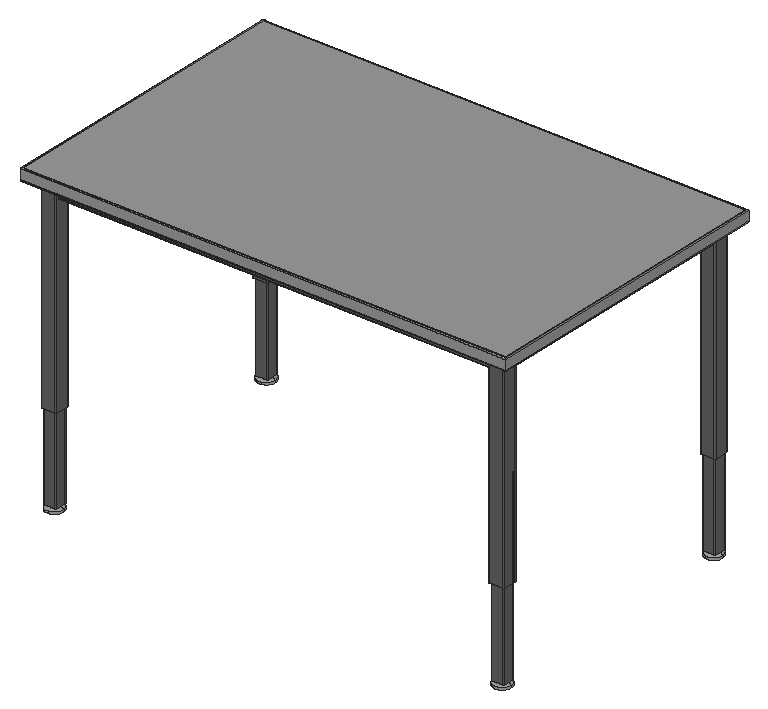
Revit family "Tutor 4830 - Adjustable", category Generic Models, Revit 2018
Family settings
  Can host rebar = No
  Round Connector Dimension = Use Diameter
  Part Type = Normal
  Work Plane-Based = No
  Always vertical = Yes
  Cut with Voids When Loaded = No
  Shared = No
  Room Calculation Point = No
Parameters
  Table Height = 2' - 5"
  Surface = Tutor 4830A Surface
  Frame Finish = Tutor Frame Charcoal
  Edgeband = Tutor 4830A Edgeband
Reference planes (in)
  plane 1 "Center (Front/Back)": y = 0
  plane 2: z = 0
  plane 3 "Center (Left/Right)": x = 0
  plane 4: z = 29
Forms (in)
  Extrusion 1, solid, material "Tutor Frame Charcoal" <- "Frame Finish"
    sketch origin (0, 0, 0) x (1, 0, 0) y (0, 1, 0)
      loop
        arc (-22.51562, 13.625) -> (-22.59296, 13.59296) -> (-22.625, 13.51562) r 0.10937
        line (-22.625, 13.51562) -> (-22.625, 12.48437)
        arc (-22.625, 12.48437) -> (-22.59296, 12.40704) -> (-22.51562, 12.375) r 0.10938
        line (-22.51562, 12.375) -> (-21.48437, 12.375)
        arc (-21.48437, 12.375) -> (-21.40704, 12.40704) -> (-21.375, 12.48437) r 0.10938
        line (-21.375, 12.48437) -> (-21.375, 13.51562)
        arc (-21.375, 13.51562) -> (-21.40704, 13.59296) -> (-21.48437, 13.625) r 0.10938
        line (-21.48437, 13.625) -> (-22.51562, 13.625)
      loop
        line (-22.51562, -13.625) -> (-21.48437, -13.625)
        arc (-21.48437, -13.625) -> (-21.40704, -13.59296) -> (-21.375, -13.51562) r 0.10938
        line (-21.375, -13.51562) -> (-21.375, -12.48437)
        arc (-21.375, -12.48437) -> (-21.40704, -12.40704) -> (-21.48437, -12.375) r 0.10938
        line (-21.48437, -12.375) -> (-22.51562, -12.375)
        arc (-22.51562, -12.375) -> (-22.59296, -12.40704) -> (-22.625, -12.48437) r 0.10938
        line (-22.625, -12.48437) -> (-22.625, -13.51562)
        arc (-22.625, -13.51562) -> (-22.59296, -13.59296) -> (-22.51562, -13.625) r 0.10937
      loop
        line (22.51562, 13.625) -> (21.48437, 13.625)
        arc (21.48437, 13.625) -> (21.40704, 13.59296) -> (21.375, 13.51562) r 0.10938
        line (21.375, 13.51562) -> (21.375, 12.48437)
        arc (21.375, 12.48437) -> (21.40704, 12.40704) -> (21.48437, 12.375) r 0.10938
        line (21.48437, 12.375) -> (22.51562, 12.375)
        arc (22.51562, 12.375) -> (22.59296, 12.40704) -> (22.625, 12.48437) r 0.10938
        line (22.625, 12.48437) -> (22.625, 13.51562)
        arc (22.625, 13.51562) -> (22.59296, 13.59296) -> (22.51562, 13.625) r 0.10937
      loop
        arc (22.51562, -13.625) -> (22.59296, -13.59296) -> (22.625, -13.51562) r 0.10937
        line (22.625, -13.51562) -> (22.625, -12.48437)
        arc (22.625, -12.48437) -> (22.59296, -12.40704) -> (22.51562, -12.375) r 0.10938
        line (22.51562, -12.375) -> (21.48437, -12.375)
        arc (21.48437, -12.375) -> (21.40704, -12.40704) -> (21.375, -12.48437) r 0.10938
        line (21.375, -12.48437) -> (21.375, -13.51562)
        arc (21.375, -13.51562) -> (21.40704, -13.59296) -> (21.48437, -13.625) r 0.10938
        line (21.48437, -13.625) -> (22.51562, -13.625)
    from 0.41992 to 19.41992
  Revolve 2, solid, material "Tutor Glides"
    sketch origin (6, -13, 0) x (1, 0, 0) y (0, 0, 1)
      loop
        line (-28, 0.41992) -> (-28, 0) -> (-27.12763, 0) -> (-27.12763, 0.17255) -> (-27.375, 0.41992) -> (-28, 0.41992)
      axis (-28, 0.41992) -> (-28, 0)
    angle from 0 to 360
  Revolve 3, solid, material "Tutor Glides"
    sketch origin (6, 13, 0) x (1, 0, 0) y (0, 0, -1)
      loop
        line (-28, -0.41992) -> (-27.375, -0.41992) -> (-27.12763, -0.17255) -> (-27.12763, 0) -> (-28, 0) -> (-28, -0.41992)
      axis (-28, -0.41992) -> (-28, 0)
    angle from 0 to 360
  Revolve 4, solid, material "Tutor Glides"
    sketch origin (-6, 13, 0) x (-1, 0, 0) y (0, 0, 1)
      loop
        line (-28, 0.41992) -> (-28, 0) -> (-27.12763, 0) -> (-27.12763, 0.17255) -> (-27.375, 0.41992) -> (-28, 0.41992)
      axis (-28, 0.41992) -> (-28, 0)
    angle from 0 to 360
  Revolve 5, solid, material "Tutor Glides"
    sketch origin (-6, -13, 0) x (-1, 0, 0) y (0, 0, -1)
      loop
        line (-28, -0.41992) -> (-27.375, -0.41992) -> (-27.12763, -0.17255) -> (-27.12763, 0) -> (-28, 0) -> (-28, -0.41992)
      axis (-28, -0.41992) -> (-28, 0)
    angle from 0 to 360
Dimensions and locks (in)
  "Table Height": plane 4 to level
  aligned and locked: plane 2 to level
  aligned and locked: nested 1 to plane 4
Automatic sketch dimensions
  Extrusion 1 sketch curve to plane 1 "Center (Front/Back)" = 1' - 0 31/64"
  Extrusion 1 sketch curve to plane 3 "Center (Left/Right)" = 1' - 10 5/8"
  plane 1 "Center (Front/Back)" to Extrusion 1 sketch curve = 1' - 1 33/64"
  Extrusion 1 sketch curve to Extrusion 1 sketch curve = 0' - 0"  (x3)
  Extrusion 1 sketch curve to Extrusion 1 sketch curve = 0' - 0 7/64"  (x12)
  Extrusion 1 sketch curve to Extrusion 1 sketch curve = 0' - 1 1/32"  (x10)
  plane 1 "Center (Front/Back)" to Extrusion 1 sketch curve = 1' - 0 31/64"
  plane 3 "Center (Left/Right)" to Extrusion 1 sketch curve = 1' - 9 3/8"
  Extrusion 1 sketch curve to Extrusion 1 sketch curve = 0' - 1 9/64"
  Extrusion 1 sketch curve to plane 1 "Center (Front/Back)" = 1' - 0 3/8"
  Revolve 2 sketch curve to level = 0' - 0"
  level to Revolve 2 sketch curve = 0' - 0.41992"
  Revolve 2 sketch curve to plane 3 "Center (Left/Right)" = 1' - 10"
  Revolve 2 sketch curve to Revolve 2 sketch curve = 0' - 0 5/8"
  Revolve 2 sketch curve to Revolve 2 sketch curve = 0' - 0.24737"
  Revolve 2 sketch curve to Revolve 2 sketch curve = 0' - 0.17255"
  Revolve 2 sketch curve to Revolve 2 sketch curve = 0' - 0"  (x2)
  Revolve 2 sketch curve to level = 0' - 0.33008"
  Revolve 3 sketch curve to level = 0' - 0"
  level to Revolve 3 sketch curve = 0' - 0.41992"
  Revolve 3 sketch curve to plane 3 "Center (Left/Right)" = 1' - 10"
  Revolve 3 sketch curve to Revolve 3 sketch curve = 0' - 0 5/8"
  Revolve 3 sketch curve to Revolve 3 sketch curve = 0' - 0.24737"
  Revolve 3 sketch curve to Revolve 3 sketch curve = 0' - 0.17255"
  Revolve 3 sketch curve to Revolve 3 sketch curve = 0' - 0"  (x2)
  Revolve 3 sketch curve to level = 0' - 0.33008"
  Revolve 4 sketch curve to level = 0' - 0"
  level to Revolve 4 sketch curve = 0' - 0.41992"
  plane 3 "Center (Left/Right)" to Revolve 4 sketch curve = 1' - 10"
  Revolve 4 sketch curve to Revolve 4 sketch curve = 0' - 0 5/8"
  Revolve 4 sketch curve to Revolve 4 sketch curve = 0' - 0.24737"
  Revolve 4 sketch curve to Revolve 4 sketch curve = 0' - 0.17255"
  Revolve 4 sketch curve to Revolve 4 sketch curve = 0' - 0"  (x2)
  Revolve 4 sketch curve to level = 0' - 0.33008"
  Revolve 5 sketch curve to level = 0' - 0"
  level to Revolve 5 sketch curve = 0' - 0.41992"
  plane 3 "Center (Left/Right)" to Revolve 5 sketch curve = 1' - 10"
  Revolve 5 sketch curve to Revolve 5 sketch curve = 0' - 0 5/8"
  Revolve 5 sketch curve to Revolve 5 sketch curve = 0' - 0.24737"
  Revolve 5 sketch curve to Revolve 5 sketch curve = 0' - 0.17255"
  Revolve 5 sketch curve to Revolve 5 sketch curve = 0' - 0"  (x2)
  Revolve 5 sketch curve to level = 0' - 0.33008"
Nested families (in)
  nested 1: "Tutor 4830A Top" at (0, 0, -6.54492), type "Tutor 4830A Top"
Definition of nested family "Tutor 4830A Top"
  Parameters (values of type "Tutor 4830A Top")
    Surface = none
    Frame Finish = none
    Edgeband = none
  Reference planes (in)
    plane 1 "Center (Front/Back)": y = 0
    plane 2: z = 0
    plane 3 "Center (Left/Right)": x = 0
  Forms (in)
    Extrusion 1, solid, material <- "Frame Finish"
      sketch origin (0, 0, 0) x (1, 0, 0) y (0, 0, 1)
        loop
          arc (-21.35, 34.29492) -> (-21.27929, 34.32421) -> (-21.25, 34.39492) r 0.1
          line (-21.25, 34.39492) -> (-21.25, 35.44492)
          arc (-21.25, 35.44492) -> (-21.27929, 35.51563) -> (-21.35, 35.54492) r 0.1
          line (-21.35, 35.54492) -> (-22.4, 35.54492)
          arc (-22.4, 35.54492) -> (-22.47071, 35.51563) -> (-22.5, 35.44492) r 0.1
          line (-22.5, 35.44492) -> (-22.5, 34.39492)
          arc (-22.5, 34.39492) -> (-22.47071, 34.32421) -> (-22.4, 34.29492) r 0.1
          line (-22.4, 34.29492) -> (-21.35, 34.29492)
        loop
          line (21.35, 34.29492) -> (22.4, 34.29492)
          arc (22.4, 34.29492) -> (22.47071, 34.32421) -> (22.5, 34.39492) r 0.1
          line (22.5, 34.39492) -> (22.5, 35.44492)
          arc (22.5, 35.44492) -> (22.47071, 35.51563) -> (22.4, 35.54492) r 0.1
          line (22.4, 35.54492) -> (21.35, 35.54492)
          arc (21.35, 35.54492) -> (21.27929, 35.51563) -> (21.25, 35.44492) r 0.1
          line (21.25, 35.44492) -> (21.25, 34.39492)
          arc (21.25, 34.39492) -> (21.27929, 34.32421) -> (21.35, 34.29492) r 0.1
      from -12.25 to 12.25
    Extrusion 2, solid, material <- "Frame Finish"
      sketch origin (0, 0, 0) x (0, 1, 0) y (0, 0, 1)
        loop
          arc (13.4, 34.29492) -> (13.47071, 34.32421) -> (13.5, 34.39492) r 0.1
          line (13.5, 34.39492) -> (13.5, 35.44492)
          arc (13.5, 35.44492) -> (13.47071, 35.51563) -> (13.4, 35.54492) r 0.1
          line (13.4, 35.54492) -> (12.35, 35.54492)
          arc (12.35, 35.54492) -> (12.27929, 35.51563) -> (12.25, 35.44492) r 0.1
          line (12.25, 35.44492) -> (12.25, 34.39492)
          arc (12.25, 34.39492) -> (12.27929, 34.32421) -> (12.35, 34.29492) r 0.1
          line (12.35, 34.29492) -> (13.4, 34.29492)
        loop
          line (-13.4, 34.29492) -> (-12.35, 34.29492)
          arc (-12.35, 34.29492) -> (-12.27929, 34.32421) -> (-12.25, 34.39492) r 0.1
          line (-12.25, 34.39492) -> (-12.25, 35.44492)
          arc (-12.25, 35.44492) -> (-12.27929, 35.51563) -> (-12.35, 35.54492) r 0.1
          line (-12.35, 35.54492) -> (-13.4, 35.54492)
          arc (-13.4, 35.54492) -> (-13.47071, 35.51563) -> (-13.5, 35.44492) r 0.1
          line (-13.5, 35.44492) -> (-13.5, 34.39492)
          arc (-13.5, 34.39492) -> (-13.47071, 34.32421) -> (-13.4, 34.29492) r 0.1
      from -21.25 to 21.25
    Extrusion 3, solid, material <- "Surface"
      sketch origin (0, 0, 0) x (1, 0, 0) y (0, 1, 0)
        loop
          line (23.73189, 14.79339) -> (-23.73189, 14.79339) -> (-23.73189, -14.79339) -> (23.73189, -14.79339) -> (23.73189, 14.79339)
      from 35.54492 to 36.74492
    Sweep 4, solid, material <- "Edgeband"
      path origin (0, 0, 0) x (1, 0, 0) y (0, 1, 0)
        loop
          line (23.73189, 14.79339) -> (-23.73189, 14.79339) -> (-23.73189, -14.79339) -> (23.73189, -14.79339) -> (23.73189, 14.79339)
      profile origin (0, 14.79339, 0) x (0, -1, 0) y (0, 0, 1)
        loop
          arc (0, 36.74492) -> (-0.08352, 36.71033) -> (-0.11811, 36.62681) r 0.11811
          line (-0.11811, 36.62681) -> (-0.11811, 35.66303)
          arc (-0.11811, 35.66303) -> (-0.08352, 35.57952) -> (0, 35.54492) r 0.11811
          line (0, 35.54492) -> (0, 36.74492)
    Extrusion 5, solid, material <- "Frame Finish"
      sketch origin (0, 0, 0) x (1, 0, 0) y (0, 1, 0)
        loop
          arc (21.375, 13.75) -> (21.28661, 13.71339) -> (21.25, 13.625) r 0.125
          line (21.25, 13.625) -> (21.25, 12.375)
          arc (21.25, 12.375) -> (21.28661, 12.28661) -> (21.375, 12.25) r 0.125
          line (21.375, 12.25) -> (22.625, 12.25)
          arc (22.625, 12.25) -> (22.71339, 12.28661) -> (22.75, 12.375) r 0.125
          line (22.75, 12.375) -> (22.75, 13.625)
          arc (22.75, 13.625) -> (22.71339, 13.71339) -> (22.625, 13.75) r 0.125
          line (22.625, 13.75) -> (21.375, 13.75)
        loop
          line (21.375, -13.75) -> (22.625, -13.75)
          arc (22.625, -13.75) -> (22.71339, -13.71339) -> (22.75, -13.625) r 0.125
          line (22.75, -13.625) -> (22.75, -12.375)
          arc (22.75, -12.375) -> (22.71339, -12.28661) -> (22.625, -12.25) r 0.125
          line (22.625, -12.25) -> (21.375, -12.25)
          arc (21.375, -12.25) -> (21.28661, -12.28661) -> (21.25, -12.375) r 0.125
          line (21.25, -12.375) -> (21.25, -13.625)
          arc (21.25, -13.625) -> (21.28661, -13.71339) -> (21.375, -13.75) r 0.125
        loop
          line (-21.375, 13.75) -> (-22.625, 13.75)
          arc (-22.625, 13.75) -> (-22.71339, 13.71339) -> (-22.75, 13.625) r 0.125
          line (-22.75, 13.625) -> (-22.75, 12.375)
          arc (-22.75, 12.375) -> (-22.71339, 12.28661) -> (-22.625, 12.25) r 0.125
          line (-22.625, 12.25) -> (-21.375, 12.25)
          arc (-21.375, 12.25) -> (-21.28661, 12.28661) -> (-21.25, 12.375) r 0.125
          line (-21.25, 12.375) -> (-21.25, 13.625)
          arc (-21.25, 13.625) -> (-21.28661, 13.71339) -> (-21.375, 13.75) r 0.125
        loop
          arc (-21.375, -13.75) -> (-21.28661, -13.71339) -> (-21.25, -13.625) r 0.125
          line (-21.25, -13.625) -> (-21.25, -12.375)
          arc (-21.25, -12.375) -> (-21.28661, -12.28661) -> (-21.375, -12.25) r 0.125
          line (-21.375, -12.25) -> (-22.625, -12.25)
          arc (-22.625, -12.25) -> (-22.71339, -12.28661) -> (-22.75, -12.375) r 0.125
          line (-22.75, -12.375) -> (-22.75, -13.625)
          arc (-22.75, -13.625) -> (-22.71339, -13.71339) -> (-22.625, -13.75) r 0.125
          line (-22.625, -13.75) -> (-21.375, -13.75)
      from 15.54492 to 35.54492
  Dimensions and locks (in)
    aligned and locked: plane 2 to level
